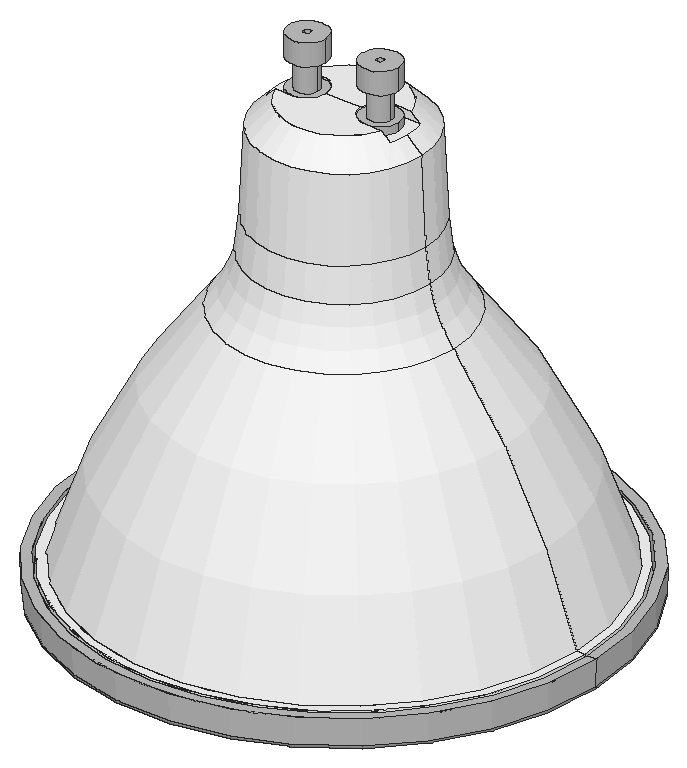
Revit family "STL23426_27_30_40", category Luminárias, Revit 2023
Family settings
  Cota do conector redondo = Utilizar diâmetro
  Tipo de parte = Normal
  Com base no plano de trabalho = Não
  Sempre na vertical = Sim
  Corte com vazios quando carregada = Não
  Fonte luminosa = Sim
  Manter orientação da anotação = Não
  Compartilhado = Não
  Ponto de cálculo do ambiente = Não
Parameters (values of type "STL23426/27 - BIVOLT - 2700K - 280lm - 24°")
  Ângulo de inclinação = 90.00°
  Ângulo de Abertura = "24°"
  Wattage = 1.88499 W
  URL = "https://stella.com.br/"
  Troca de temperatura da cor de lâmpada com esmaecimento = <Nenhum>
  Tensão Elétrica = "100V-240V"
  built-in parameter 1150107 = 2700 (stored number, unit not read)
  Temperatura da cor (K) = 2700 K
  Referência = "STL23426/27"
  Potência = 4.9 W
  built-in parameter 1150110 = 1 (stored number, unit not read)
  built-in parameter 1150109 = 1 (stored number, unit not read)
  built-in parameter 1114218 = 1 (stored number, unit not read)
  built-in parameter 1150112 = 1 (stored number, unit not read)
  built-in parameter 1150113 = 1 (stored number, unit not read)
  built-in parameter 1150142 = "IESNA:LM-63-2002\r\n[TEST] Viso BaseSpion - serial: 2183678036 sensor serial: 1483989726\r\n[TESTLAB] Viso BaseSpion - serial: 2183678036 sensor serial: 1483989726 - Test lab\r\n[MANUFAC] N/A\r\n[ISSUEDATE] 16/08/2023\r\n[LUMINAIRE] STELLA - STL23426/27 - AR70 PRO DIM 24°\r\n[LUMCAT] N/A\r\n[_SERIALNUMBER] VFR-230816-9923-MS\r\nTILT=NONE\r\n1 280 1 91 1 1 2 -0.0548 -0.0548 0\r\n1.0 1.0 4.85\r\n0 1 2 3 4 5 6 7 8 9 10 11 12 13 14 15 16 17 18 19 20 21 22 23 24 25 26 27 28 29 30 31 32 33 34 35 36 37 38 39 40 41 42 43 44 45 46 47 48 49 50 51 52 53 54 55 56 57 58 59 60 61 62 63 64 65 66 67 68 69 70 71 72 73 74 75 76 77 78 79 80\r\n 81 82 83 84 85 86 87 88 89 90\r\n0 \r\n1351.517456 1347.340088 1336.664551 1316.623535 1285.439575 1240.946655 1183.73584 1114.75647 1035.036377 944.88855 846.267029 743.072693 639.408508 539.265381 445.230621 359.722534 285.03775 222.314682 172.093491 133.281876 104.419411\r\n 83.729103 69.131142 58.672573 51.162846 45.573959 41.139503 37.638283 35.066051 33.265156 32.03849 31.116697 30.243263 29.344269 28.432865 27.427465 26.397142 25.414248 24.404167 23.36132 22.410488 21.5179 21.053793 21.060957 21.395664\r\n 22.255415 24.108095 26.862225 30.07202 32.943348 33.981686 31.889799 27.450808 22.082102 16.625689 11.227923 6.173737 3.24001 2.404757 2.009148 1.342586 0.735067 0.352849 0.206358 0.140756 0.097378 0.083009 0.06178 0.054148 0.045497\r\n 0.04241 0.039935 0.040376 0.039041 0.036583 0.035488 0.04029 0.044142 0.037102 0.037057 0.035809 0.033888 0.032802 0.029843 0.033517 0.030774 0.030507 0.036719 0.033931 0.028887 0.016154\r\n"
  built-in parameter 1150132 = 2
  built-in parameter 1150137 = (empty or 0)
  Modelo = "Lâmpada LED AR70 PRO 24°"
  Luminoso [instance] = Luminoso - 2700K
  built-in parameter 1150106 = 86.619 (stored number, unit not read)
  built-in parameter 1150102 = (empty or 0)
  built-in parameter 1150105 = 8661.9 (stored number, unit not read)
  IRC (Índice de reprodução de cores) = ">95 (R9>80)"
  Grau de proteção (IP) = "IP20"
  Fluxo Luminoso = 280 lm
  Color Filter = 16777215
  built-in parameter 1114217 = 1 (stored number, unit not read)
  built-in parameter 1150139 = (empty or 0)
  Fabricante = "Stella"
  Estrutura [instance] = Al - Branco
  Default Elevation = 0.00 m
  built-in parameter 1150104 = 13.8 (stored number, unit not read)
  Diâmetro = 0.07 m
  Dimerização = "20-100%"
  built-in parameter 1150115 = 1 (stored number, unit not read)
  built-in parameter 1150114 = 1 (stored number, unit not read)
  Cromado [instance] = Cromado
  Lumens = 280 lm
  built-in parameter 1150138 = (empty or 0)
  built-in parameter 1150134 = (empty or 0)
  Arquivo de rede fotométrica = "STELLA - STL23426-27 - AR70 PRO DIM 24°.ies"
  Altura = 0.067 m
  built-in parameter 1150133 = 10 (stored number, unit not read)
Types (4, lengths in m): name | Wattage | built-in parameter 1150107 | Temperatura da cor (K) | Referência | built-in parameter 1150142 | Luminoso | built-in parameter 1150106 | built-in parameter 1150105 | Fluxo Luminoso | Lumens | built-in parameter 1150134 | Arquivo de rede fotométrica
  (no name) | 1.88499 W | 2700 (stored number, unit not read) | 2700 K | "STL23426/27" | "IESNA:LM-63-2002\r\n[TEST] Viso BaseSpion - serial: 2183678036 sensor serial: 1483989726\r\n[TESTLAB] Viso BaseSpion - serial: 2183678036 sensor serial: 1483989726 - Test lab\r\n[MANUFAC] N/A\r\n[ISSUEDATE] 16/08/2023\r\n[LUMINAIRE] STELLA - STL23426/27 - AR70 PRO DIM 24°\r\n[LUMCAT] N/A\r\n[_SERIALNUMBER] VFR-230816-9923-MS\r\nTILT=NONE\r\n1 280 1 91 1 1 2 -0.0548 -0.0548 0\r\n1.0 1.0 4.85\r\n0 1 2 3 4 5 6 7 8 9 10 11 12 13 14 15 16 17 18 19 20 21 22 23 24 25 26 27 28 29 30 31 32 33 34 35 36 37 38 39 40 41 42 43 44 45 46 47 48 49 50 51 52 53 54 55 56 57 58 59 60 61 62 63 64 65 66 67 68 69 70 71 72 73 74 75 76 77 78 79 80\r\n 81 82 83 84 85 86 87 88 89 90\r\n0 \r\n1351.517456 1347.340088 1336.664551 1316.623535 1285.439575 1240.946655 1183.73584 1114.75647 1035.036377 944.88855 846.267029 743.072693 639.408508 539.265381 445.230621 359.722534 285.03775 222.314682 172.093491 133.281876 104.419411\r\n 83.729103 69.131142 58.672573 51.162846 45.573959 41.139503 37.638283 35.066051 33.265156 32.03849 31.116697 30.243263 29.344269 28.432865 27.427465 26.397142 25.414248 24.404167 23.36132 22.410488 21.5179 21.053793 21.060957 21.395664\r\n 22.255415 24.108095 26.862225 30.07202 32.943348 33.981686 31.889799 27.450808 22.082102 16.625689 11.227923 6.173737 3.24001 2.404757 2.009148 1.342586 0.735067 0.352849 0.206358 0.140756 0.097378 0.083009 0.06178 0.054148 0.045497\r\n 0.04241 0.039935 0.040376 0.039041 0.036583 0.035488 0.04029 0.044142 0.037102 0.037057 0.035809 0.033888 0.032802 0.029843 0.033517 0.030774 0.030507 0.036719 0.033931 0.028887 0.016154\r\n" | Luminoso - 2700K | 86.619 (stored number, unit not read) | 8661.9 (stored number, unit not read) | 280 lm | 280 lm | (empty or 0) | "STELLA - STL23426-27 - AR70 PRO DIM 24°.ies"
  STL23426/27 - BIVOLT - 2700K - 280lm - 24° | 1.88499 W | 2700 (stored number, unit not read) | 2700 K | "STL23426/27" | "IESNA:LM-63-2002\r\n[TEST] Viso BaseSpion - serial: 2183678036 sensor serial: 1483989726\r\n[TESTLAB] Viso BaseSpion - serial: 2183678036 sensor serial: 1483989726 - Test lab\r\n[MANUFAC] N/A\r\n[ISSUEDATE] 16/08/2023\r\n[LUMINAIRE] STELLA - STL23426/27 - AR70 PRO DIM 24°\r\n[LUMCAT] N/A\r\n[_SERIALNUMBER] VFR-230816-9923-MS\r\nTILT=NONE\r\n1 280 1 91 1 1 2 -0.0548 -0.0548 0\r\n1.0 1.0 4.85\r\n0 1 2 3 4 5 6 7 8 9 10 11 12 13 14 15 16 17 18 19 20 21 22 23 24 25 26 27 28 29 30 31 32 33 34 35 36 37 38 39 40 41 42 43 44 45 46 47 48 49 50 51 52 53 54 55 56 57 58 59 60 61 62 63 64 65 66 67 68 69 70 71 72 73 74 75 76 77 78 79 80\r\n 81 82 83 84 85 86 87 88 89 90\r\n0 \r\n1351.517456 1347.340088 1336.664551 1316.623535 1285.439575 1240.946655 1183.73584 1114.75647 1035.036377 944.88855 846.267029 743.072693 639.408508 539.265381 445.230621 359.722534 285.03775 222.314682 172.093491 133.281876 104.419411\r\n 83.729103 69.131142 58.672573 51.162846 45.573959 41.139503 37.638283 35.066051 33.265156 32.03849 31.116697 30.243263 29.344269 28.432865 27.427465 26.397142 25.414248 24.404167 23.36132 22.410488 21.5179 21.053793 21.060957 21.395664\r\n 22.255415 24.108095 26.862225 30.07202 32.943348 33.981686 31.889799 27.450808 22.082102 16.625689 11.227923 6.173737 3.24001 2.404757 2.009148 1.342586 0.735067 0.352849 0.206358 0.140756 0.097378 0.083009 0.06178 0.054148 0.045497\r\n 0.04241 0.039935 0.040376 0.039041 0.036583 0.035488 0.04029 0.044142 0.037102 0.037057 0.035809 0.033888 0.032802 0.029843 0.033517 0.030774 0.030507 0.036719 0.033931 0.028887 0.016154\r\n" | Luminoso - 2700K | 86.619 (stored number, unit not read) | 8661.9 (stored number, unit not read) | 280 lm | 280 lm | (empty or 0) | "STELLA - STL23426-27 - AR70 PRO DIM 24°.ies"
  STL23426/30 - BIVOLT - 3000K - 300lm - 24° | 2.01963 W | 3000 (stored number, unit not read) | 3000 K | "STL23426/30" | "IESNA:LM-63-2002\r\n[TEST] Viso BaseSpion - serial: 2183678036 sensor serial: 1483989726\r\n[TESTLAB] Viso BaseSpion - serial: 2183678036 sensor serial: 1483989726 - Test lab\r\n[MANUFAC] N/A\r\n[ISSUEDATE] 16/08/2023\r\n[LUMINAIRE] STELLA - STL23426/30 - AR70 PRO DIM 24°\r\n[LUMCAT] N/A\r\n[_SERIALNUMBER] VFR-230816-9923-MS\r\nTILT=NONE\r\n1 300 1 91 1 1 2 -0.0548 -0.0548 0\r\n1.0 1.0 4.85\r\n0 1 2 3 4 5 6 7 8 9 10 11 12 13 14 15 16 17 18 19 20 21 22 23 24 25 26 27 28 29 30 31 32 33 34 35 36 37 38 39 40 41 42 43 44 45 46 47 48 49 50 51 52 53 54 55 56 57 58 59 60 61 62 63 64 65 66 67 68 69 70 71 72 73 74 75 76 77 78 79 80\r\n 81 82 83 84 85 86 87 88 89 90\r\n0 \r\n1448.054321 1443.578613 1432.140503 1410.667969 1377.256592 1329.585693 1268.28833 1194.381836 1108.967529 1012.380554 906.7146 796.149231 685.080505 577.784302 477.032776 385.416962 305.397583 238.19429 184.385864 142.802002 111.87793\r\n 89.709747 74.069069 62.863464 54.817333 48.829239 44.078037 40.326729 37.570766 35.641235 34.32695 33.339317 32.403496 31.440285 30.463781 29.386568 28.28265 27.229549 26.14732 25.029984 24.011236 23.054892 22.557632 22.56531 22.923925\r\n 23.845085 25.830099 28.780952 32.220016 35.29644 36.408947 34.167641 29.411577 23.659393 17.813236 12.029917 6.614717 3.471439 2.576526 2.152658 1.438485 0.787571 0.378052 0.221097 0.15081 0.104334 0.088938 0.066193 0.058015 0.048746\r\n 0.045439 0.042787 0.043259 0.04183 0.039196 0.038022 0.043168 0.047295 0.039753 0.039704 0.038367 0.036308 0.035145 0.031975 0.035911 0.032973 0.032686 0.039342 0.036355 0.03095 0.017308\r\n" | Luminoso - 3000K | 14.481 (stored number, unit not read) | 1448.1 (stored number, unit not read) | 300 lm | 300 lm | (empty or 0) | "STELLA - STL23426-30 - AR70 PRO DIM 24°.ies"
  STL23426/40 - BIVOLT - 4000K - 320lm - 24° | 2.15427 W | 4000 (stored number, unit not read) | 4000 K | "STL23426/40" | "IESNA:LM-63-2002\r\n[TEST] Viso BaseSpion - serial: 2183678036 sensor serial: 1483989726\r\n[TESTLAB] Viso BaseSpion - serial: 2183678036 sensor serial: 1483989726 - Test lab\r\n[MANUFAC] N/A\r\n[ISSUEDATE] 28/10/2022\r\n[LUMINAIRE] STELLA - STL23426/40 - AR70 PRO DIM 24°\r\n[LUMCAT] N/A\r\n[_SERIALNUMBER] VFR-221028-7340-MS\r\nTILT=NONE\r\n1 320 1 91 1 1 2 -0.0547 -0.0547 0\r\n1.0 1.0 4.76\r\n0 1 2 3 4 5 6 7 8 9 10 11 12 13 14 15 16 17 18 19 20 21 22 23 24 25 26 27 28 29 30 31 32 33 34 35 36 37 38 39 40 41 42 43 44 45 46 47 48 49 50 51 52 53 54 55 56 57 58 59 60 61 62 63 64 65 66 67 68 69 70 71 72 73 74 75 76 77 78 79 80\r\n 81 82 83 84 85 86 87 88 89 90\r\n0 \r\n1519.073364 1514.32312 1501.499146 1480.473633 1449.22583 1404.705933 1344.800537 1270.056152 1181.185059 1079.597168 968.544556 852.440491 735.540283 623.026245 518.878052 423.990173 339.305481 267.093292 207.92395 160.829987 125.000916\r\n 99.127663 81.074509 68.370056 58.965546 51.532848 45.259483 39.897202 35.791702 32.982712 31.094177 29.849327 29.144951 28.89747 29.016867 29.176697 29.118338 28.785902 28.062458 26.947693 25.652721 24.466742 23.715469 23.392939 23.542814\r\n 24.760475 27.504955 31.474531 36.060703 39.760258 40.206738 36.698845 30.627747 24.024599 17.890572 12.097157 6.639297 3.583489 2.943937 2.690452 1.781628 0.892713 0.439572 0.279129 0.212091 0.180893 0.151681 0.124572 0.105395 0.095865\r\n 0.090076 0.082507 0.076377 0.07146 0.068097 0.076029 0.07553 0.078314 0.077033 0.070218 0.067187 0.067372 0.070399 0.063025 0.067705 0.065049 0.06296 0.052474 0.044012 0.04759 0.042928\r\n" | Luminoso - 4000K | 15.191 (stored number, unit not read) | 1519.1 (stored number, unit not read) | 320 lm | 320 lm | 12 | "STELLA - STL23426-40 - AR70 PRO DIM 24°.ies"
Reference planes (m)
  plane 1 "Centro (Frente/Trás)": y = 0
  plane 2: z = 0
  plane 3 "Centro (Esquerda/Direita)": x = 0
  plane 4: x = 0.035
  plane 5: x = -0.035
  plane 6 "Superior": z = 0.063061
  plane 7 "Base": z = -0.003939
  plane 8: y = 0.035
  plane 9: y = -0.035
Forms (m)
  Revolve 1, solid, material "Al - Branco" <- "Estrutura"
    sketch origin (0, 0, 0) x (1, 0, 0) y (0, 0, 1)
      loop
        line (0.0077, 0.0564) -> (0, 0.0564) -> (0, 0.0548) -> (0.007603, 0.0548) -> (0.00957, 0.052833) -> (0.009999, 0.042321)
        arc (0.009999, 0.042321) -> (0.010188, 0.040004) -> (0.010563, 0.03771) r 0.02875
        arc (0.010563, 0.03771) -> (0.011893, 0.033837) -> (0.01416, 0.030428) r 0.01602
        arc (0.01416, 0.030428) -> (0.024357, 0.015572) -> (0.030945, -0.0012) r 0.07947
        line (0.030945, -0.0012) -> (0.031727, -0.0012) -> (0.0318, -0.0026) -> (0.033208, -0.0026) -> (0.03305, -0.000789) -> (0.033009, 0) -> (0.031862, 0)
        arc (0.031862, 0) -> (0.0252, 0.016541) -> (0.015066, 0.031215) r 0.08067
        arc (0.015066, 0.031215) -> (0.012969, 0.034369) -> (0.011739, 0.037951) r 0.01482
        arc (0.011739, 0.037951) -> (0.011379, 0.04015) -> (0.011198, 0.04237) r 0.02755
        line (0.011198, 0.04237) -> (0.01075, 0.05335) -> (0.0077, 0.0564)
      axis (0, 0.0564) -> (0, -0.0026)
    angle from 0 to 360
  Revolve 2, solid, material "Cromado" <- "Cromado"
    sketch origin (0, 0, 0) x (1, 0, 0) y (0, 0, 1)
      loop
        line (0.034641, -0.000012) -> (0.033441, -0.000012) -> (0.033213, -0.002612) -> (0.031899, -0.002612)
        arc (0.031899, -0.002612) -> (0.030162, -0.002062) -> (0.028607, -0.001113) r 0.007553
        arc (0.028607, -0.001113) -> (0.022231, 0.009942) -> (0.014112, 0.019788) r 0.076808
        line (0.014112, 0.019788) -> (0.012877, 0.019788) -> (0.012877, 0.018906)
        arc (0.012877, 0.018906) -> (0.020933, 0.009182) -> (0.02725, -0.001751) r 0.075308
        arc (0.02725, -0.001751) -> (0.027853, -0.0026) -> (0.028715, -0.003184) r 0.002933
        arc (0.028715, -0.003184) -> (0.030866, -0.003723) -> (0.033072, -0.003939) r 0.015
        arc (0.033072, -0.003939) -> (0.033534, -0.003944) -> (0.033997, -0.003939) r 0.019597
        arc (0.033997, -0.003939) -> (0.034395, -0.003779) -> (0.034582, -0.003393) r 0.000592
        line (0.034582, -0.003393) -> (0.034641, -0.000012)
      axis (0, 0.019788) -> (0, -0.003939)
    angle from 0 to 360
  Revolve 3, solid, material "Cromado" <- "Cromado"
    sketch origin (0, 0, 0) x (1, 0, 0) y (0, 0, 1)
      loop
        line (-0.01279, 0.004) -> (0, 0.004) -> (0, 0.014238) -> (-0.002617, 0.014238)
        arc (-0.002617, 0.014238) -> (-0.004216, 0.013782) -> (-0.005741, 0.013119) r 0.0125
        line (-0.005741, 0.013119) -> (-0.007371, 0.019202) -> (-0.010858, 0.019202)
        arc (-0.010858, 0.019202) -> (-0.011261, 0.019369) -> (-0.011427, 0.019771) r 0.000569
        line (-0.011427, 0.019771) -> (-0.0115, 0.02185) -> (-0.018457, 0.02185) -> (-0.018378, 0.02035) -> (-0.01275, 0.02035) -> (-0.012721, 0.019519) -> (-0.012721, 0.018698) -> (-0.011921, 0.018698) -> (-0.011921, 0.017583)
        arc (-0.011921, 0.017583) -> (-0.008013, 0.013326) -> (-0.002914, 0.010607) r 0.017169
        line (-0.002914, 0.010607) -> (-0.002684, 0.006224) -> (-0.0069, 0.005702) -> (-0.013416, 0.005702) -> (-0.013357, 0.004567)
        arc (-0.013357, 0.004567) -> (-0.013191, 0.004166) -> (-0.01279, 0.004) r 0.000567
      axis (0, 0.02185) -> (0, 0.004)
    angle from 0 to 360
  Extrusion 4, void
    sketch origin (0, -0.129323, 0) x (1, 0, 0) y (0, 1, 0)
      loop
        arc (-0.002358, 0.129323) -> (-0.003131, 0.131192) -> (-0.005, 0.131966) r 0.002642
        line (-0.005, 0.131966) -> (-0.008729, 0.131966)
        arc (-0.008729, 0.131966) -> (-0.009022, 0.130744) -> (-0.009136, 0.129493) r 0.008759
        arc (-0.009136, 0.129493) -> (-0.009047, 0.12807) -> (-0.008729, 0.126681) r 0.008759
        line (-0.008729, 0.126681) -> (-0.005, 0.126681)
        arc (-0.005, 0.126681) -> (-0.003131, 0.127455) -> (-0.002358, 0.129323) r 0.002642
    from 0.0553 to 0.0564
  Extrusion 5, solid, material "Cromado" <- "Cromado"
    sketch origin (0, 0, 0) x (1, 0, 0) y (0, 1, 0)
      loop
        circle (-0.005, 0) r 0.0025
    from 0.0553 to 0.0563
  Extrusion 6, solid, material "Cromado" <- "Cromado"
    sketch origin (0, 0, 0) x (1, 0, 0) y (0, 1, 0)
      loop
        circle (-0.005, 0) r 0.0015
    from 0.0563 to 0.060161
  Extrusion 7, solid, material "Cromado" <- "Cromado"
    sketch origin (0, 0, 0) x (1, 0, 0) y (0, 1, 0)
      loop
        circle (-0.005, 0) r 0.0025
    from 0.060161 to 0.063061
  Extrusion 8, solid, material "Cromado" <- "Cromado"
    sketch origin (0, 0, 0) x (-1, 0, 0) y (0, -1, 0)
      loop
        circle (-0.005, 0) r 0.0025
    from 0.0553 to 0.0563
  Extrusion 9, solid, material "Cromado" <- "Cromado"
    sketch origin (0, 0, 0) x (-1, 0, 0) y (0, -1, 0)
      loop
        circle (-0.005, 0) r 0.0015
    from 0.0563 to 0.060161
  Extrusion 10, solid, material "Cromado" <- "Cromado"
    sketch origin (0, 0, 0) x (-1, 0, 0) y (0, -1, 0)
      loop
        circle (-0.005, 0) r 0.0025
    from 0.060161 to 0.063061
  Extrusion 11, void
    sketch origin (0, -0.129323, 0) x (-1, 0, 0) y (0, -1, 0)
      loop
        arc (-0.002358, -0.129323) -> (-0.003131, -0.127455) -> (-0.005, -0.126681) r 0.002642
        line (-0.005, -0.126681) -> (-0.008729, -0.126681)
        arc (-0.008729, -0.126681) -> (-0.009047, -0.12807) -> (-0.009136, -0.129493) r 0.008759
        arc (-0.009136, -0.129493) -> (-0.009022, -0.130744) -> (-0.008729, -0.131966) r 0.008759
        line (-0.008729, -0.131966) -> (-0.005, -0.131966)
        arc (-0.005, -0.131966) -> (-0.003131, -0.131192) -> (-0.002358, -0.129323) r 0.002642
    from 0.0553 to 0.0564
  Extrusion 12, void
    sketch origin (0, 0, 0) x (1, 0, 0) y (0, 1, 0)
      loop
        circle (-0.005, 0) r 0.00045
    from 0.0557 to 0.063061
  Extrusion 13, void
    sketch origin (0, 0, 0) x (-1, 0, 0) y (0, -1, 0)
      loop
        circle (-0.005, 0) r 0.00045
    from 0.0557 to 0.063061
  Revolve 14, solid, material "Luminoso - 2700K" <- "Luminoso"
    sketch origin (0, 0, 0) x (1, 0, 0) y (0, 0, 1)
      loop
        line (-0.013416, 0.005702) -> (-0.0069, 0.005702) -> (-0.002684, 0.006224) -> (-0.002914, 0.010607)
        arc (-0.002914, 0.010607) -> (-0.008013, 0.013326) -> (-0.011921, 0.017583) r 0.017169
        line (-0.011921, 0.017583) -> (-0.011921, 0.018698) -> (-0.012721, 0.018698) -> (-0.012721, 0.01735)
        arc (-0.012721, 0.01735) -> (-0.008812, 0.012938) -> (-0.003685, 0.010029) r 0.017969
        line (-0.003685, 0.010029) -> (-0.003522, 0.006926) -> (-0.013416, 0.005702)
      axis (0, 0.018698) -> (0, 0.005702)
    angle from 0 to 360
Cuts and joins
  Extrusion 4, Extrusion 11 cuts Revolve 1
  Extrusion 12, Extrusion 13 cuts Extrusion 5
  Extrusion 11, Extrusion 12, Extrusion 13 cuts Extrusion 6
  Extrusion 12, Extrusion 13 cuts Extrusion 7
  joined: Extrusion 5, Extrusion 6, Extrusion 7
  Extrusion 13 cuts Extrusion 8
  Extrusion 13 cuts Extrusion 9
  Extrusion 13 cuts Extrusion 10
  joined: Extrusion 8, Extrusion 9, Extrusion 10
Lines and regions (m)
  model lines
    curve 1: line (0, 0.001599, 0.0553) -> (0, -0.004963, 0.0553)
    curve 2: line (0.006069, 0, 0.063061) -> (0.006069, 0, 0.060161)
Dimensions and locks (m)
  "Altura": plane 6 "Superior" to plane 7 "Base"
  "Diâmetro": plane 5 to plane 4
  aligned and locked: level to plane 2
  aligned and locked: Extrusion 7 to Extrusion 12
  aligned and locked: Extrusion 10 to cut or joined group of Extrusion 5, Extrusion 6, Extrusion 7, Extrusion 11, Extrusion 12, Extrusion 13
Automatic sketch dimensions
  curve 1 to plane 1 "Centro (Frente/Trás)" = 0.001599 m
  plane 1 "Centro (Frente/Trás)" to curve 1 = 0.004963 m
  Revolve 1 sketch curve to Revolve 1 sketch curve = 0.00 m  (x9)
  Revolve 1 sketch curve to plane 3 "Centro (Esquerda/Direita)" = 0.00 m  (x2)
  Revolve 1 sketch curve to level = 0.00 m
  Revolve 1 sketch curve to plane 5 = 0.01084 m
  Revolve 1 sketch curve to Revolve 1 sketch curve = 0.007603 m
  Revolve 1 sketch curve to Revolve 1 sketch curve = 0.000097 m
  Revolve 1 sketch curve to Revolve 1 sketch curve = 0.001967 m  (x2)
  plane 3 "Centro (Esquerda/Direita)" to Revolve 1 sketch curve = 0.009999 m
  Revolve 1 sketch curve to Revolve 1 sketch curve = 0.00118 m
  Revolve 1 sketch curve to Revolve 1 sketch curve = 0.001199 m
  Revolve 1 sketch curve to plane 4 = 0.008744 m
  Revolve 1 sketch curve to level = 0.0012 m
  Revolve 1 sketch curve to plane 4 = 0.004055 m
  Revolve 1 sketch curve to Revolve 1 sketch curve = 0.000781 m
  Revolve 1 sketch curve to Revolve 1 sketch curve = 0.000073 m
  Revolve 1 sketch curve to Revolve 1 sketch curve = 0.000135 m
  Revolve 1 sketch curve to Revolve 1 sketch curve = 0.001147 m
  Revolve 1 sketch curve to Revolve 1 sketch curve = 0.000041 m
  Revolve 1 sketch curve to plane 4 = 0.001792 m
  plane 4 to Revolve 1 sketch curve = 0.003725 m
  Revolve 1 sketch curve to Revolve 1 sketch curve = 0.0014 m
  Revolve 1 sketch curve to level = 0.021682 m
  Revolve 1 sketch curve to level = 0.000789 m
  level to Revolve 1 sketch curve = 0.040933 m
  Revolve 1 sketch curve to Revolve 1 sketch curve = 0.011106 m
  Revolve 1 sketch curve to Revolve 1 sketch curve = 0.000049 m
  Revolve 1 sketch curve to Revolve 1 sketch curve = 0.002561 m
  Revolve 1 sketch curve to Revolve 1 sketch curve = 0.010512 m
  Revolve 1 sketch curve to Revolve 1 sketch curve = 0.000517 m
  Revolve 1 sketch curve to Revolve 1 sketch curve = 0.0016 m
  Revolve 1 sketch curve to level = 0.003956 m
  Extrusion 4 sketch curve to Extrusion 4 sketch curve = 0.00 m  (x4)
  plane 1 "Centro (Frente/Trás)" to Extrusion 4 sketch curve = 0.00 m  (x2)
  plane 1 "Centro (Frente/Trás)" to Extrusion 4 sketch curve = 0.002642 m
  Extrusion 4 sketch curve to plane 3 "Centro (Esquerda/Direita)" = 0.008729 m
  Extrusion 4 sketch curve to Extrusion 4 sketch curve = 0.003729 m
  Extrusion 4 sketch curve to plane 3 "Centro (Esquerda/Direita)" = 0.000379 m
  Extrusion 4 sketch curve to plane 1 "Centro (Frente/Trás)" = 0.00017 m
  plane 1 "Centro (Frente/Trás)" to Extrusion 5 sketch curve = 0.00 m
  Extrusion 5 sketch curve to plane 3 "Centro (Esquerda/Direita)" = 0.005 m
  plane 1 "Centro (Frente/Trás)" to Extrusion 6 sketch curve = 0.00 m
  Extrusion 6 sketch curve to plane 3 "Centro (Esquerda/Direita)" = 0.005 m
  plane 1 "Centro (Frente/Trás)" to Extrusion 7 sketch curve = 0.00 m
  Extrusion 7 sketch curve to plane 3 "Centro (Esquerda/Direita)" = 0.005 m
  plane 1 "Centro (Frente/Trás)" to Extrusion 8 sketch curve = 0.00 m
  plane 3 "Centro (Esquerda/Direita)" to Extrusion 8 sketch curve = 0.005 m
  plane 1 "Centro (Frente/Trás)" to Extrusion 9 sketch curve = 0.00 m
  plane 3 "Centro (Esquerda/Direita)" to Extrusion 9 sketch curve = 0.005 m
  plane 1 "Centro (Frente/Trás)" to Extrusion 10 sketch curve = 0.00 m
  plane 3 "Centro (Esquerda/Direita)" to Extrusion 10 sketch curve = 0.005 m
  Extrusion 11 sketch curve to Extrusion 11 sketch curve = 0.00 m  (x4)
  plane 1 "Centro (Frente/Trás)" to Extrusion 11 sketch curve = 0.00 m  (x2)
  plane 1 "Centro (Frente/Trás)" to Extrusion 11 sketch curve = 0.002642 m
  plane 3 "Centro (Esquerda/Direita)" to Extrusion 11 sketch curve = 0.008729 m
  Extrusion 11 sketch curve to Extrusion 11 sketch curve = 0.003729 m
  plane 3 "Centro (Esquerda/Direita)" to Extrusion 11 sketch curve = 0.000379 m
  Extrusion 11 sketch curve to plane 1 "Centro (Frente/Trás)" = 0.00017 m
  plane 1 "Centro (Frente/Trás)" to Extrusion 12 sketch curve = 0.00 m
  Extrusion 12 sketch curve to plane 3 "Centro (Esquerda/Direita)" = 0.005 m
  plane 1 "Centro (Frente/Trás)" to Extrusion 13 sketch curve = 0.00 m
  plane 3 "Centro (Esquerda/Direita)" to Extrusion 13 sketch curve = 0.005 m
  Revolve 14 sketch curve to Revolve 14 sketch curve = 0.00 m  (x2)
  Revolve 14 sketch curve to plane 3 "Centro (Esquerda/Direita)" = 0.00 m
  Revolve 14 sketch curve to plane 3 "Centro (Esquerda/Direita)" = 0.002684 m
  Revolve 14 sketch curve to plane 3 "Centro (Esquerda/Direita)" = 0.002914 m
  Revolve 14 sketch curve to Revolve 14 sketch curve = 0.000838 m
  Revolve 14 sketch curve to Revolve 14 sketch curve = 0.000771 m
  Revolve 14 sketch curve to Revolve 14 sketch curve = 0.003378 m
  Revolve 14 sketch curve to plane 3 "Centro (Esquerda/Direita)" = 0.011921 m
  Revolve 14 sketch curve to Revolve 14 sketch curve = 0.0008 m
  level to Revolve 14 sketch curve = 0.005702 m
  Revolve 14 sketch curve to Revolve 14 sketch curve = 0.006516 m
  plane 3 "Centro (Esquerda/Direita)" to Revolve 14 sketch curve = 0.0025 m
  Revolve 14 sketch curve to Revolve 14 sketch curve = 0.000521 m
  Revolve 14 sketch curve to Revolve 14 sketch curve = 0.000702 m
  Revolve 14 sketch curve to Revolve 14 sketch curve = 0.003103 m
  Revolve 14 sketch curve to Revolve 14 sketch curve = 0.000578 m
  Revolve 14 sketch curve to Revolve 14 sketch curve = 0.007321 m
  Revolve 14 sketch curve to Revolve 14 sketch curve = 0.001348 m
  level to Revolve 14 sketch curve = 0.002602 m
  Revolve 14 sketch curve to Revolve 14 sketch curve = 0.003202 m
  Revolve 3 sketch curve to plane 3 "Centro (Esquerda/Direita)" = 0.00 m  (x3)
  Revolve 3 sketch curve to plane 3 "Centro (Esquerda/Direita)" = 0.002617 m
  Revolve 3 sketch curve to plane 3 "Centro (Esquerda/Direita)" = 0.002684 m
  Revolve 3 sketch curve to plane 3 "Centro (Esquerda/Direita)" = 0.002914 m
  Revolve 3 sketch curve to Revolve 3 sketch curve = 0.003123 m
  Revolve 3 sketch curve to Revolve 3 sketch curve = 0.004216 m
  Revolve 3 sketch curve to Revolve 3 sketch curve = 0.00163 m
  Revolve 3 sketch curve to Revolve 3 sketch curve = 0.003487 m
  Revolve 3 sketch curve to Revolve 3 sketch curve = 0.000569 m
  Revolve 3 sketch curve to Revolve 3 sketch curve = 0.000073 m
  Revolve 3 sketch curve to Revolve 3 sketch curve = 0.001063 m
  Revolve 3 sketch curve to Revolve 3 sketch curve = 0.0008 m
  Revolve 3 sketch curve to Revolve 3 sketch curve = 0.000029 m
  level to Revolve 3 sketch curve = 0.004 m
  Revolve 3 sketch curve to Revolve 3 sketch curve = 0.00589 m
  level to Revolve 3 sketch curve = 0.004567 m
  Revolve 3 sketch curve to Revolve 3 sketch curve = 0.00006 m
  Revolve 3 sketch curve to Revolve 3 sketch curve = 0.005628 m
  Revolve 3 sketch curve to Revolve 3 sketch curve = 0.000079 m
  plane 3 "Centro (Esquerda/Direita)" to Revolve 3 sketch curve = 0.0025 m
  Revolve 3 sketch curve to Revolve 3 sketch curve = 0.001985 m
  Revolve 3 sketch curve to Revolve 3 sketch curve = 0.001136 m
  Revolve 3 sketch curve to Revolve 3 sketch curve = 0.002224 m
  Revolve 3 sketch curve to Revolve 3 sketch curve = 0.004383 m
  Revolve 3 sketch curve to Revolve 3 sketch curve = 0.002512 m
  Revolve 3 sketch curve to Revolve 3 sketch curve = 0.004464 m
  Revolve 3 sketch curve to Revolve 3 sketch curve = 0.001115 m
  Revolve 3 sketch curve to Revolve 3 sketch curve = 0.000504 m
  Revolve 3 sketch curve to Revolve 3 sketch curve = 0.000821 m
  Revolve 3 sketch curve to Revolve 3 sketch curve = 0.000831 m
  Revolve 3 sketch curve to Revolve 3 sketch curve = 0.0015 m
  Revolve 3 sketch curve to level = 0.005482 m
  Revolve 3 sketch curve to Revolve 3 sketch curve = 0.001455 m
  level to curve 1 = 0.0553 m
  curve 2 to plane 6 "Superior" = 0.00 m
  curve 2 to plane 6 "Superior" = 0.0029 m
  plane 3 "Centro (Esquerda/Direita)" to curve 2 = 0.006069 m
  Revolve 2 sketch curve to Revolve 2 sketch curve = 0.00 m  (x4)
  Revolve 2 sketch curve to plane 3 "Centro (Esquerda/Direita)" = 0.00 m
  Revolve 2 sketch curve to plane 5 = 0.005885 m
  Revolve 2 sketch curve to level = 0.000502 m
  Revolve 2 sketch curve to plane 4 = 0.005096 m
  plane 7 "Base" to Revolve 2 sketch curve = 0.001327 m
  Revolve 2 sketch curve to Revolve 2 sketch curve = 0.001995 m
  Revolve 2 sketch curve to Revolve 2 sketch curve = 0.001314 m
  Revolve 2 sketch curve to plane 4 = 0.001708 m
  Revolve 2 sketch curve to plane 4 = 0.001574 m
  Revolve 2 sketch curve to level = 0.000012 m
  Revolve 2 sketch curve to plane 4 = 0.001559 m
  Revolve 2 sketch curve to plane 4 = 0.001466 m
  plane 7 "Base" to Revolve 2 sketch curve = 0.000592 m
  Revolve 2 sketch curve to plane 4 = 0.001009 m
  Revolve 2 sketch curve to plane 4 = 0.000418 m
  Revolve 2 sketch curve to plane 4 = 0.000359 m
  plane 7 "Base" to Revolve 2 sketch curve = 0.000546 m
  level to Revolve 2 sketch curve = 0.004812 m
  Revolve 2 sketch curve to Revolve 2 sketch curve = 0.006245 m
  Revolve 2 sketch curve to Revolve 2 sketch curve = 0.004596 m
  plane 3 "Centro (Esquerda/Direita)" to Revolve 2 sketch curve = 0.012877 m
  Revolve 2 sketch curve to Revolve 2 sketch curve = 0.001235 m
  Revolve 2 sketch curve to level = 0.001751 m
  Revolve 2 sketch curve to level = 0.001113 m
  plane 7 "Base" to Revolve 2 sketch curve = 0.000755 m
  Revolve 2 sketch curve to plane 7 "Base" = 0.004033 m
  Revolve 2 sketch curve to Revolve 2 sketch curve = 0.000883 m
  plane 6 "Superior" to Revolve 2 sketch curve = 0.000562 m
  radius of Extrusion 5 sketch curve = 0.0025 m
  radius of Extrusion 6 sketch curve = 0.0015 m
  radius of Extrusion 7 sketch curve = 0.0025 m
  radius of Extrusion 8 sketch curve = 0.0025 m
  radius of Extrusion 9 sketch curve = 0.0015 m
  radius of Extrusion 10 sketch curve = 0.0025 m
  radius of Extrusion 12 sketch curve = 0.00045 m
  radius of Extrusion 13 sketch curve = 0.00045 m
Connectors (m)
  electrical at (0, 0, 0.063061)
    settings: index 1, voltage 0 V, apparent load 0 VA, apparent load phase1 0 VA, apparent load phase2 0 VA, apparent load phase3 0 VA, power factor 1, load classification "Outro", number of poles 1, system type 31, power factor state 1, is connector primary yes, connector utility no, sub classification motor no, connector description ""
